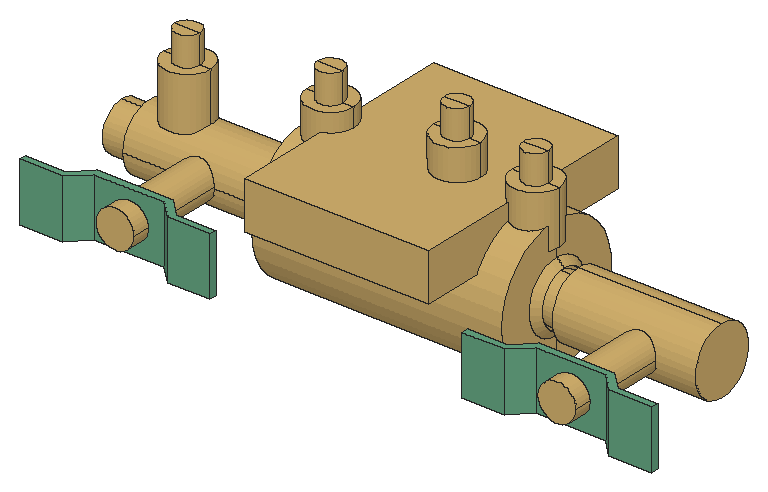
Revit family "Double_Check_Valve_Assemblies-WATTS-(050-100_LF007-QT, 050-100_LF007-QT-S)_Series", category Pipe Accessories, Revit 2019
Family settings
  Round Connector Dimension = Use Radius
  Part Type = Valve - Breaks Into
  OmniClass Number = 23.65.55.14.21
  OmniClass Title = Non-Return Valves for Liquid Services
  Work Plane-Based = No
  Always vertical = Yes
  Cut with Voids When Loaded = No
  Shared = No
Parameters (values of type "LF007-QT - 0.5"")
  W/Press** Press inlet x press outlet = no
  U Union connections = no
  Temperature Range = "175 psi (12.1 bar)"  # constant formula
  S Copper silicon alloy strainer = no
  Revised Date = "10/11/2023"  # constant formula
  R Dimension = 2 5/16"
  Pipe Connection Distance = if(S Copper silicon alloy strainer, STR_OAL, 0")  # 0"
  Outlet Connection Description = "1/2\" Outlet Connection"
  LF Without shutoff valves = no
  Inlet Connection Description = "1/2\" Inlet Connection"
  IAPMO Compliance = "ASSE Standard 1015, AWWA Standard C510\r\nIAPMO PS31, CSA B64.5"  # constant formula
  G Dimension = 3 3/8"
  Finish = Metal-WATTS-Cast Copper Silicon Alloy
  FZ Freeze Sensor = no
  F Dimension = 5"
  built-in parameter 1114242 [instance] = (empty or 0)
  URL = "http://www.watts.com"
  Type Comments = ""
  TC_Out_Thd_Rad = 7/32"
  TC_Out_Thd_Length = 1/2"
  TC_In_Thd_Rad = 13/64"
  TC_In_Thd_Length = 21/64"
  TC_Boss_Rad = 79/256"
  TC_Body_Rad = 105/256"
  TC_Body_Hieght = 119/128"
  TC4_Dist = 6 3/4"
  TC4_Boss_Hieght = 57/64"
  TC3_Dist = 5 3/8"
  TC3_Boss_Hieght = 1 23/256"
  TC2_Dist = 3 41/256"
  TC2_Boss_Hieght = 57/64"
  TC1_Dist = 169/256"
  TC1_Boss_Hieght = 57/64"
  Shipping Weight = 4.50 lbf
  STR_Screen_Length = 3 77/128"
  STR_Port_Length = STR_Screen_Length  # 3 77/128"
  STR_OAL = 2 33/64"
  STR_Nipple_Rad = 27/64"
  STR_Nipple_OAL = 123/256"
  STR_Main_Rad = 87/128"
  STR_IN_Port = 187/256"
  STR_Flow_Rad = 141/256"
  STR_Angle = 45.00°
  Region = "North America"  # constant formula
  Product Page URL = "https://www.watts.com/products/plumbing-flow-control-solutions/backflow-preventers/double-check-valve-assemblies/lf007"
  Product Documentation Link = "https://www.watts.com/dfsmedia/0533dbba17714b1ab581ab07a4cbb521/633913-source/es-lf007s"
  Pressure Rating = 175.00 psi  # constant formula
  Out_Thd_Length = 21/64"
  Model = "LF007-QT - 0.5\""
  Material = "Metal-Watts-Cast Copper Silicon Alloy"  # constant formula
  Manufacturer Product Line = "Backflow Prevention"  # constant formula
  Manufacturer = "WATTS"
  Length = 13"
  In_Thd_Length = 59/256"
  Flow Rate = "7.5 fps / 2.3 mps"
  Description = "Lead Free* Double Check Valve Assembly Backflow Preventers with Freeze Sensor"  # constant formula
  D Dimension = 3"
  Creation Date = "08/10/2018"  # constant formula
  Cover_Thk = 69/128"
  T Dimension = 2 1/16"
  Cover_Hieght = 1 23/256"
  Cover_Dist = 2 105/128"
  Country = "United States"  # constant formula
  Connection_Rad = 1/4"
  Connection Type = "NPT Connection"  # constant formula
  Connection Size = Connection_Rad * 2  # 1/2"
  C Dimension = 2 7/16"
  Bs Dimension = 6"
  Body_Thd_Rad = 27/64"
  Body_Step_Rad = 123/256"
  Body_Retain_Rad = 243/256"
  Body_Rad = 39/64"
  Body_IN_Angle = 4 39/64"
  Body_Angle = 45.00°
  BV_Stem_Rad = 21/64"
  BV_Stem_Hieght = 1 41/256"
  BV_Handle_Width_Top = 25/64"
  BV_Handle_Width_Btm = -25/64"
  BV_Handle_Thk = 13/128"
  BV_Handle_Length = 1 143/256"
  BV_Handle_Hieght = 97/256"
  BV_Handle_CL_Angle = 123/256"
  BV_Handle_Angle = 30.00°
  BV_Body_Rad = 37/64"
  BV2_Stem_Dist = 1 1/32"
  BV2_OAL = BV1_OAL  # 2 1/2"
  BV1_Stem_Dist = 1 1/4"
  BV1_OAL = 2 1/2"
  B Dimension = 3 5/8"
  Assembly Code = "D2090900"
  As Dimension = 13"
  A Dimension = BV1_OAL + BV2_OAL + F Dimension  # 10"
Types (7): name | S Copper silicon alloy strainer | R Dimension | Pipe Connection Distance | Outlet Connection Description | Inlet Connection Description | G Dimension | F Dimension | TC4_Dist | TC4_Boss_Hieght | TC3_Dist | TC3_Boss_Hieght | TC2_Dist | TC2_Boss_Hieght | TC1_Dist | TC1_Boss_Hieght | Shipping Weight | STR_Screen_Length | STR_Port_Length | STR_OAL | STR_Nipple_Rad | STR_Nipple_OAL | STR_Main_Rad | STR_IN_Port | STR_Flow_Rad | Out_Thd_Length | Model | Length | In_Thd_Length | D Dimension | Cover_Thk | T Dimension | Cover_Hieght | Cover_Dist | Connection_Rad | Connection Size | C Dimension | Bs Dimension | Body_Thd_Rad | Body_Step_Rad | Body_Retain_Rad | Body_Rad | Body_IN_Angle | BV_Stem_Rad | BV_Stem_Hieght | BV_Handle_Width_Top | BV_Handle_Width_Btm | BV_Handle_Thk | BV_Handle_Length | BV_Handle_Hieght | BV_Handle_CL_Angle | BV_Handle_Angle | BV_Body_Rad | BV2_Stem_Dist | BV2_OAL | BV1_Stem_Dist | BV1_OAL | B Dimension | As Dimension | A Dimension
  (no name) | no | 2 5/16" | 0" | "1/2\" Outlet Connection" | "1/2\" Inlet Connection" | 3 3/8" | 5" | 6 3/4" | 57/64" | 5 3/8" | 1 23/256" | 3 41/256" | 57/64" | 169/256" | 57/64" | 4.50 lbf | 3 77/128" | 3 77/128" | 2 33/64" | 27/64" | 123/256" | 87/128" | 187/256" | 141/256" | 21/64" | "LF007-QT - 0.5\"" | 13" | 59/256" | 3" | 69/128" | 2 1/16" | 1 23/256" | 2 105/128" | 1/4" | 1/2" | 2 7/16" | 6" | 27/64" | 123/256" | 243/256" | 39/64" | 4 39/64" | 21/64" | 1 41/256" | 25/64" | -25/64" | 13/128" | 1 143/256" | 97/256" | 123/256" | 30.00° | 37/64" | 1 1/32" | 2 1/2" | 1 1/4" | 2 1/2" | 3 5/8" | 13" | 10"
  LF007-QT-S - 0.5" | yes | 2 5/16" | 2 33/64" | "1/2\" Outlet Connection" | "1/2\" Inlet Connection" | 3 3/8" | 5" | 6 3/4" | 57/64" | 5 3/8" | 1 23/256" | 3 41/256" | 57/64" | 169/256" | 57/64" | 5.50 lbf | 3 77/128" | 3 77/128" | 2 33/64" | 27/64" | 123/256" | 87/128" | 187/256" | 141/256" | 21/64" | "LF007-QT-S - 0.5\"" | 13" | 59/256" | 3" | 69/128" | 2 1/16" | 1 23/256" | 2 105/128" | 1/4" | 1/2" | 2 7/16" | 6" | 27/64" | 123/256" | 243/256" | 39/64" | 4 39/64" | 21/64" | 1 41/256" | 25/64" | -25/64" | 13/128" | 1 143/256" | 97/256" | 123/256" | 30.00° | 37/64" | 1 1/32" | 2 1/2" | 1 1/4" | 2 1/2" | 3 5/8" | 13" | 10"
  LF007-M3-QT-S - 0.75" | yes | 2 1/8" | 3 37/128" | "3/4\" Outlet Connection" | "3/4\" Inlet Connection" | 3 7/16" | 6 3/16" | 7 101/128" | 1 69/256" | 5 3/8" | 1 25/64" | 3 91/128" | 1 69/256" | 87/128" | 251/256" | 6.70 lbf | 3 51/128" | 3 51/128" | 3 37/128" | 67/128" | 3/32" | 105/128" | 215/256" | 161/256" | 79/256" | "LF007-M3-QT-S - 0.75\"" | 14 1/2" | 87/256" | 3" | 179/256" | 1 15/16" | 1 67/256" | 2 29/32" | 3/8" | 3/4" | 3 1/8" | 6 1/8" | 67/128" | 75/128" | 53/64" | 53/64" | 5 9/32" | 25/64" | 1 59/128" | 27/64" | -27/64" | 31/256" | 1 169/256" | 27/64" | 83/128" | 45.00° | 197/256" | 1 59/256" | 2 15/32" | 1 115/256" | 2 15/32" | 4" | 14 1/2" | 11 1/8"
  LF007-M1-QT-S - 1" | yes | 1 11/16" | 4 131/256" | "1\" Outlet Connection" | "1\" Inlet Connection" | 3 3/8" | 7 1/2" | 9 17/32" | 1 123/256" | 6 1/8" | 2 37/128" | 4 1/8" | 1 123/256" | 105/128" | 1 13/128" | 14.00 lbf | 3 1/2" | 3 1/2" | 4 131/256" | 169/256" | 3/16" | 1 1/32" | 1 41/256" | 205/256" | 79/256" | "LF007-M1-QT-S - 1\"" | 17 15/16" | 87/256" | 3 1/4" | 179/256" | 1 11/16" | 1 59/64" | 3 41/128" | 1/2" | 1" | 4" | 7 3/4" | 169/256" | 225/256" | 1 5/64" | 1 5/64" | 5 243/256" | 15/32" | 1 195/256" | 131/256" | -131/256" | 31/256" | 1 169/256" | 27/64" | 39/64" | 45.00° | 243/256" | 1 59/128" | 2 7/8" | 1 179/256" | 2 7/8" | 5 1/8" | 17 15/16" | 13 1/4"
  LF007-QT - 0.5" | no | 2 5/16" | 0" | "1/2\" Outlet Connection" | "1/2\" Inlet Connection" | 3 3/8" | 5" | 6 3/4" | 57/64" | 5 3/8" | 1 23/256" | 3 41/256" | 57/64" | 169/256" | 57/64" | 4.50 lbf | 3 77/128" | 3 77/128" | 2 33/64" | 27/64" | 123/256" | 87/128" | 187/256" | 141/256" | 21/64" | "LF007-QT - 0.5\"" | 13" | 59/256" | 3" | 69/128" | 2 1/16" | 1 23/256" | 2 105/128" | 1/4" | 1/2" | 2 7/16" | 6" | 27/64" | 123/256" | 243/256" | 39/64" | 4 39/64" | 21/64" | 1 41/256" | 25/64" | -25/64" | 13/128" | 1 143/256" | 97/256" | 123/256" | 30.00° | 37/64" | 1 1/32" | 2 1/2" | 1 1/4" | 2 1/2" | 3 5/8" | 13" | 10"
  LF007-M3-QT - 0.75" | no | 2 1/8" | 0" | "3/4\" Outlet Connection" | "3/4\" Inlet Connection" | 3 7/16" | 6 3/16" | 7 101/128" | 1 69/256" | 5 3/8" | 1 25/64" | 3 91/128" | 1 69/256" | 87/128" | 251/256" | 5.00 lbf | 3 51/128" | 3 51/128" | 3 37/128" | 67/128" | 3/32" | 105/128" | 215/256" | 161/256" | 79/256" | "LF007-M3-QT - 0.75\"" | 14 1/2" | 87/256" | 3" | 179/256" | 1 15/16" | 1 67/256" | 2 29/32" | 3/8" | 3/4" | 3 1/8" | 6 1/8" | 67/128" | 75/128" | 53/64" | 53/64" | 5 9/32" | 25/64" | 1 59/128" | 27/64" | -27/64" | 31/256" | 1 169/256" | 27/64" | 83/128" | 45.00° | 197/256" | 1 59/256" | 2 15/32" | 1 115/256" | 2 15/32" | 4" | 14 1/2" | 11 1/8"
  LF007-M1-QT - 1" | no | 1 11/16" | 0" | "1\" Outlet Connection" | "1\" Inlet Connection" | 3 3/8" | 7 1/2" | 9 17/32" | 1 123/256" | 6 1/8" | 2 37/128" | 4 1/8" | 1 123/256" | 105/128" | 1 13/128" | 12.00 lbf | 3 1/2" | 3 1/2" | 4 131/256" | 169/256" | 3/16" | 1 1/32" | 1 41/256" | 205/256" | 79/256" | "LF007-M1-QT - 1\"" | 17 15/16" | 87/256" | 3 1/4" | 179/256" | 1 11/16" | 1 59/64" | 3 41/128" | 1/2" | 1" | 4" | 7 3/4" | 169/256" | 225/256" | 1 5/64" | 1 5/64" | 5 243/256" | 15/32" | 1 195/256" | 131/256" | -131/256" | 31/256" | 1 169/256" | 27/64" | 39/64" | 45.00° | 243/256" | 1 59/128" | 2 7/8" | 1 179/256" | 2 7/8" | 5 1/8" | 17 15/16" | 13 1/4"
Reference planes (in)
  plane 1 "Center (Front/Back)": y = 0
  plane 2: z = 0
  plane 3 "Center (Left/Right)": x = 0
  plane 4 "BV1_OUT": x = 2.5
  plane 5 "BV2_IN": x = 7.5
  plane 6 "BV2_OUT": x = 10
  plane 7 "STR_OUT": x = -0.48047
  plane 8 "STR_IN": x = -2.99609
  plane 9: z = 2.4375
  plane 10: x = -0.17578
  plane 11: x = -2.99609
  plane 12: x = 0
  plane 13: x = 2.5
  plane 14: x = 5
  plane 15: x = 7.5
  plane 16: x = 10
  plane 17: y = -0.50403
  plane 18: y = 0.50403
  plane 19: x = 1.24739
  plane 20: x = 0.95136
  plane 21: x = 1.54343
  plane 22: x = 8.75
  plane 23: x = 8.45397
  plane 24: x = 9.04603
  plane 25: through (-0.48527, -1.71587, 48) normal (0.7071, -0.7071, 0)
  plane 26: through (-1.34802, -1.56023, 48) normal (0.7071, 0.7071, 0)
  plane 27: through (-0.64091, -0.85312, 48) normal (0.7071, 0.7071, 0)
  plane 28: x = -2.20114
  plane 29: z = -1.1875
  plane 30: y = 2.0625
  plane 31: y = -2.3125
  plane 32: y = -1.37264
  plane 33: x = 1.25
  plane 34: x = 8.96875
  plane 35: z = 0.57089
  plane 36: z = 1.40116
  plane 37: x = 8.96875
  plane 38: x = 1.25
  plane 39: z = -3
  plane 40: x = -0.48047
Forms (in)
  Extrusion 1, solid, material "Metal-WATTS-Cast Copper Silicon Alloy" <- "Finish"
    sketch origin (0, 0, 0) x (0, 1, 0) y (0, 0, 1)
      loop
        circle (0, 0) r 0.57813
    from 0 to 2.5 <- "BV1_OAL"
  Extrusion 2, solid, material "Metal-WATTS-Cast Copper Silicon Alloy" <- "Finish"
    sketch origin (7.5, 0, 0) x (0, 0, 1) y (0, -1, 0)
      loop
        circle (0, 0) r 0.57813
    from 0 to 2.5 <- "BV2_OAL"
  Extrusion 3, solid, material "Metal-WATTS-Cast Copper Silicon Alloy" <- "Finish"
    sketch origin (0, 0, 0) x (1, 0, 0) y (0, 0, 1)
      loop
        circle (1.25, 0) r 0.32813
      loop
        circle (8.96875, 0) r 0.32813
    from 0 to 2.3125
  Revolve 4, solid, material "Metal-WATTS-Cast Copper Silicon Alloy" <- "Finish"
    sketch origin (0, 0, 0) x (1, 0, 0) y (0, 0, 1)
      loop
        line (2.5, 0.42187) -> (2.5, 0) -> (7.5, 0) -> (7.5, 0.42187) -> (7.17188, 0.42187) -> (7.17188, 0.48047) -> (7.23828, 0.48047) -> (7.10938, 0.60937) -> (2.73047, 0.60937) -> (2.73047, 0.42187) -> (2.5, 0.42187)
      axis (2.5, 0) -> (7.5, 0)
    angle from 0 to 360
  Revolve 5, solid, material "Metal-WATTS-Cast Copper Silicon Alloy" <- "Finish"
    sketch origin (0, 0, 0) x (1, 0, 0) y (0, 0, 1)
      loop
        line (0.66016, 0) -> (0.66016, 1.92578) -> (0.44141, 1.92578) -> (0.44141, 1.42578) -> (0.25, 1.42578) -> (0.25, 0.49609) -> (0.45703, 0.49609) -> (0.45703, 0.16797) -> (0.35156, 0.16797) -> (0.35156, 0) -> (0.66016, 0)
      axis (0.66016, 1.92578) -> (0.66016, 0)
    angle from 0 to 360
  Revolve 6, solid, material "Metal-WATTS-Cast Copper Silicon Alloy" <- "Finish"
    sketch origin (0, 0, 0) x (1, 0, 0) y (0, 0, 1)
      loop
        line (3.16016, 0) -> (3.16016, 2.21484) -> (2.94141, 2.21484) -> (2.94141, 1.71484) -> (2.75, 1.71484) -> (2.75, 0.78516) -> (2.95703, 0.78516) -> (2.95703, 0.45703) -> (2.85156, 0.45703) -> (2.85156, 0) -> (3.16016, 0)
      axis (3.16016, 2.21484) -> (3.16016, 0)
    angle from 0 to 360
  Revolve 7, solid, material "Metal-WATTS-Cast Copper Silicon Alloy" <- "Finish"
    sketch origin (0, 0, 0) x (1, 0, 0) y (0, 0, 1)
      loop
        line (5.375, 0) -> (5.375, 2.4375) -> (5.15625, 2.4375) -> (5.15625, 1.9375) -> (4.96484, 1.9375) -> (4.96484, 1.00781) -> (5.17188, 1.00781) -> (5.17188, 0.67969) -> (5.065, 0.67969) -> (5.065, 0) -> (5.375, 0)
      axis (5.375, 2.4375) -> (5.375, 0)
    angle from 0 to 360
  Revolve 8, solid, material "Metal-WATTS-Cast Copper Silicon Alloy" <- "Finish"
    sketch origin (0, 0, 0) x (1, 0, 0) y (0, 0, 1)
      loop
        line (6.75, 0) -> (6.75, 2.21484) -> (6.53125, 2.21484) -> (6.53125, 1.71484) -> (6.33984, 1.71484) -> (6.33984, 0.78516) -> (6.54688, 0.78516) -> (6.54688, 0.45703) -> (6.44141, 0.45703) -> (6.44141, 0) -> (6.75, 0)
      axis (6.75, 2.21484) -> (6.75, 0)
    angle from 0 to 360
  Extrusion 9, solid, material "Metal-WATTS-Cast Copper Silicon Alloy" <- "Finish", visible <- "S Copper silicon alloy strainer"
    sketch origin (-2.99609, 0, 0) x (0, 0, 1) y (0, -1, 0)
      loop
        circle (0, 0) r 0.55078
    from 0 to 2.51563 <- "STR_OAL"
  Revolve 10, solid, material "Metal-WATTS-Cast Copper Silicon Alloy" <- "Finish", visible <- "S Copper silicon alloy strainer"
    sketch origin (0, 0, 0) x (1, 0, 0) y (0, 0, 1)
      loop
        line (-2.26562, 0) -> (-2.74624, 0) -> (-2.74624, -0.48061) -> (-0.19955, -3.0273) -> (0.28106, -2.54669) -> (-2.26562, 0)
      axis (-2.50593, 0.24031) -> (0.28106, -2.54669)
    angle from 0 to 360
  Revolve 11, solid, material "Metal-WATTS-Cast Copper Silicon Alloy" <- "Finish"
    sketch origin (0, 0, 0) x (1, 0, 0) y (0, 0, 1)
      loop
        line (-0.48047, 0) -> (0, 0) -> (0, 0.42187) -> (-0.48047, 0.42187) -> (-0.48047, 0)
      axis (-0.48047, 0) -> (0, 0)
    angle from 0 to 360
  Revolve 12, solid, material "Metal-WATTS-Cast Copper Silicon Alloy" <- "Finish"
    sketch origin (0, 0, 0) x (1, 0, 0) y (0, 0, 1)
      loop
        line (2.73047, 0) -> (2.73047, -1.1875) -> (7.10938, -1.1875) -> (7.10938, 0) -> (2.73047, 0)
      axis (2.73047, 0) -> (7.10938, 0)
    angle from 0 to 360
  Extrusion 13, solid, material "Metal-WATTS-Cast Copper Silicon Alloy" <- "Finish"
    sketch origin (0, 0, 0) x (1, 0, 0) y (0, 1, 0)
      loop
        line (3.30859, 2.0625) -> (3.30859, -2.0625) -> (6.53125, -2.0625) -> (6.53125, 2.0625) -> (3.30859, 2.0625)
    from 0.57089 to 1.40116
  Revolve 14, void
    sketch origin (0, 0, 0) x (1, 0, 0) y (0, 0, 1)
      loop
        line (-0.48047, 0) -> (5, 0) -> (5, 0.25) -> (-0.48047, 0.25) -> (-0.48047, 0)
      axis (5, 0) -> (-0.48047, 0)
    angle from 0 to 360
Cuts and joins
  Revolve 14 cuts Extrusion 9
  Revolve 14 cuts Revolve 11
  joined: Revolve 4, Revolve 12
Lines and regions (in)
  Masking region 1, detail levels medium+fine
    outline origin (0, 0, 0) x (1, 0, 0) y (0, 1, 0)
      loop
        line (-0.48047, 0.57812) -> (-0.48047, -0.57813) -> (0.92188, -0.57813) -> (0.92188, -2.3125) -> (1.57813, -2.3125) -> (1.57813, -0.57813) -> (2.73047, -0.57813) -> (2.73047, -2.3125) -> (7.10938, -2.3125) -> (7.10938, -0.57813) -> (8.64063, -0.57813) -> (8.64063, -2.3125) -> (9.29688, -2.3125) -> (9.29688, -0.57813) -> (10, -0.57813) -> (10, 0.57812) -> (7.10938, 0.57812) -> (7.10938, 2.0625) -> (2.73047, 2.0625) -> (2.73047, 0.57812) -> (-0.48047, 0.57812)
  Masking region 2, visible <- "S Copper silicon alloy strainer", detail levels medium+fine
    outline origin (0, 0, 0) x (1, 0, 0) y (0, 1, 0)
      loop
        line (-0.48047, 0.57812) -> (-2.99609, 0.57812) -> (-2.99609, -0.57813) -> (-0.48047, -0.57813) -> (-0.48047, 0.57812)
  symbolic lines, detail levels medium+fine
    curve 1: line (2.5, -0.57813, 0) -> (2.5, 0.57812, 0)
    curve 2: line (7.5, 0.57812, 0) -> (7.5, -0.57813, 0)
    curve 3: line (0, 0.57812, 0) -> (0, -0.57813, 0)
    curve 5: line (6.53125, 2.0625, 0) -> (3.30859, 2.0625, 0)
    curve 7: line (3.30859, -2.0625, 0) -> (6.53125, -2.0625, 0)
    curve 8: line (0.92188, -0.57813, 0) -> (1.57813, -0.57813, 0)
    curve 9: line (8.64063, -0.57813, 0) -> (9.29688, -0.57813, 0)
  symbolic lines, detail levels fine
    curve 4: line (6.53125, -2.0625, 0) -> (6.53125, 2.0625, 0)
    curve 6: line (3.30859, 2.0625, 0) -> (3.30859, -2.0625, 0)
Dimensions and locks (in)
  "BV1_OAL": plane 4 "BV1_OUT" to plane 3 "Center (Left/Right)"
  "F Dimension": plane 5 "BV2_IN" to plane 4 "BV1_OUT"
  "BV2_OAL": plane 6 "BV2_OUT" to plane 5 "BV2_IN"
  "BV1_Stem_Dist": Extrusion 3 sketch curve to plane 3 "Center (Left/Right)"
  "BV2_Stem_Dist": plane 6 "BV2_OUT" to Extrusion 3 sketch curve
  "Body_Thd_Rad": Revolve 4 sketch curve to level
  "Body_Rad": Revolve 4 sketch curve to level
  "Body_Step_Rad": Revolve 4 sketch curve to level
  "In_Thd_Length": Revolve 4 sketch curve to plane 4 "BV1_OUT"
  "Out_Thd_Length": plane 5 "BV2_IN" to Revolve 4 sketch curve
  "Body_IN_Angle": Revolve 4 sketch curve to plane 4 "BV1_OUT"
  "TC1_Dist": Revolve 5 sketch curve to plane 3 "Center (Left/Right)"
  "TC_Boss_Rad": Revolve 5 sketch curve to Revolve 5 sketch curve
  "TC_In_Thd_Rad": Revolve 5 sketch curve to Revolve 5 sketch curve
  "TC_Body_Rad": Revolve 5 sketch curve to Revolve 5 sketch curve
  "TC_Out_Thd_Rad": Revolve 5 sketch curve to Revolve 5 sketch curve
  "TC_In_Thd_Length": Revolve 5 sketch curve to Revolve 5 sketch curve
  "TC_Body_Hieght": Revolve 5 sketch curve to Revolve 5 sketch curve
  "TC_Out_Thd_Length": Revolve 5 sketch curve to Revolve 5 sketch curve
  "TC2_Dist": Revolve 6 sketch curve to plane 3 "Center (Left/Right)"
  "TC_Boss_Rad": Revolve 6 sketch curve to Revolve 6 sketch curve
  "TC_In_Thd_Rad": Revolve 6 sketch curve to Revolve 6 sketch curve
  "TC_Out_Thd_Rad": Revolve 6 sketch curve to Revolve 6 sketch curve
  "TC_Body_Rad": Revolve 6 sketch curve to Revolve 6 sketch curve
  "TC3_Dist": Revolve 7 sketch curve to plane 3 "Center (Left/Right)"
  "TC_In_Thd_Rad": Revolve 7 sketch curve to Revolve 7 sketch curve
  "TC_Out_Thd_Rad": Revolve 7 sketch curve to Revolve 7 sketch curve
  "TC_Body_Rad": Revolve 7 sketch curve to Revolve 7 sketch curve
  "TC_Body_Hieght": Revolve 7 sketch curve to Revolve 7 sketch curve
  "TC_Out_Thd_Length": Revolve 7 sketch curve to Revolve 7 sketch curve
  "TC4_Dist": Revolve 8 sketch curve to plane 3 "Center (Left/Right)"
  "TC_Boss_Rad": Revolve 8 sketch curve to Revolve 8 sketch curve
  "TC_In_Thd_Rad": Revolve 8 sketch curve to Revolve 8 sketch curve
  "TC_Out_Thd_Rad": Revolve 8 sketch curve to Revolve 8 sketch curve
  "TC_Body_Rad": Revolve 8 sketch curve to Revolve 8 sketch curve
  "TC_In_Thd_Length": Revolve 6 sketch curve to Revolve 6 sketch curve
  "TC_Body_Hieght": Revolve 6 sketch curve to Revolve 6 sketch curve
  "TC_Out_Thd_Length": Revolve 6 sketch curve to Revolve 6 sketch curve
  "TC_In_Thd_Length": Revolve 8 sketch curve to Revolve 8 sketch curve
  "TC_Body_Hieght": Revolve 8 sketch curve to Revolve 8 sketch curve
  "TC_Out_Thd_Length": Revolve 8 sketch curve to Revolve 8 sketch curve
  "TC_In_Thd_Length": Revolve 7 sketch curve to Revolve 7 sketch curve
  "STR_Nipple_OAL": plane 3 "Center (Left/Right)" to plane 7 "STR_OUT"
  "STR_OAL": plane 7 "STR_OUT" to plane 8 "STR_IN"
  "STR_IN_Port": Revolve 10 sketch curve to plane 8 "STR_IN"
  "STR_Port_Length": Revolve 10 sketch curve to Revolve 10 sketch curve
  "STR_Main_Rad": Revolve 10 sketch curve to Revolve 10 sketch curve
  "STR_Screen_Length": Revolve 10 sketch curve to Revolve 10 sketch curve
  "STR_Nipple_Rad": Revolve 11 sketch curve to level
  plane 6 "BV2_OUT" to plane 3 "Center (Left/Right)" = 10"
  plane 6 "BV2_OUT" to plane 8 "STR_IN" = 12 255/256"
  "C Dimension": plane 9 to level
  locked: plane 9 to Revolve 6 sketch curve at 0.22266
  locked: plane 9 to Revolve 5 sketch curve at 0.51172
  locked: plane 17 to plane 18 at 1.00806
  locked: plane 11 to plane 12 at 2.99609
  locked: plane 12 to plane 16 at 10
  equal spacing: plane 12, plane 13, plane 14, plane 15, plane 16
  "B Dimension": plane 9 to plane 29
  "T Dimension": plane 1 "Center (Front/Back)" to plane 30
  "R Dimension": plane 31 to plane 1 "Center (Front/Back)"
  "BV1_Stem_Dist": plane 12 to plane 33
  "BV2_Stem_Dist": plane 6 "BV2_OUT" to plane 34
  "BV_Body_Rad": Revolve 12 to Extrusion 13 sketch curve
  "BV_Body_Rad": Extrusion 13 sketch curve to Revolve 12
  "T Dimension": Extrusion 13 sketch curve to plane 1 "Center (Front/Back)"
  locked: plane 35 to plane 2 at 0.57089
  locked: plane 36 to plane 35 at 0.83027
  "BV_Body_Rad": plane 1 "Center (Front/Back)" to Masking region 1 sketch curve
  "BV_Body_Rad": Masking region 1 sketch curve to plane 1 "Center (Front/Back)"
  "BV2_Stem_Dist": plane 37 to Extrusion 2
  "BV_Stem_Rad": Masking region 1 sketch curve to plane 34 to Masking region 1 sketch curve
  "BV1_Stem_Dist": Extrusion 1 to plane 38
  "BV_Stem_Rad": Masking region 1 sketch curve to plane 38 to Masking region 1 sketch curve
  "D Dimension": level to plane 39
  "Connection_Rad": Revolve 14 sketch curve to Revolve 14 sketch curve
  "Pipe Connection Distance": plane 7 "STR_OUT" to plane 40
  "BV_Body_Rad": radius of Extrusion 1 sketch curve
  "BV_Body_Rad": radius of Extrusion 2 sketch curve
  "BV_Stem_Rad": radius of Extrusion 3 sketch curve  (x2)
  "STR_Flow_Rad": radius of Extrusion 9 sketch curve
  "Body_Angle": angle Revolve 4 sketch curve to Revolve 4 sketch curve
  "STR_Angle": angle Revolve 10 sketch curve to level
  aligned and locked: plane 4 "BV1_OUT" to Revolve 4 sketch curve
  aligned and locked: Revolve 4 sketch curve to plane 5 "BV2_IN"
  aligned and locked: level to Revolve 4 sketch curve
  aligned and locked: Revolve 4 sketch curve to Revolve 4 sketch curve  (x2)
  aligned and locked: Revolve 5 sketch curve to level
  aligned and locked: Revolve 5 sketch curve to Revolve 5 sketch curve
  aligned and locked: Revolve 6 sketch curve to level
  aligned and locked: Revolve 6 sketch curve to Revolve 6 sketch curve
  aligned and locked: Revolve 7 sketch curve to Revolve 7 sketch curve
  aligned and locked: Revolve 8 sketch curve to level
  aligned and locked: Revolve 8 sketch curve to Revolve 8 sketch curve
  aligned and locked: level to Revolve 7 sketch curve
  aligned and locked: Revolve 10 sketch curve to Revolve 10 sketch curve
  aligned and locked: Revolve 11 sketch curve to plane 7 "STR_OUT"
  aligned and locked: plane 3 "Center (Left/Right)" to Revolve 11 sketch curve
  aligned and locked: Revolve 11 sketch curve to level
  aligned and locked: Revolve 11 sketch curve to Revolve 11 sketch curve
  aligned and locked: plane 9 to Revolve 7 sketch curve
  aligned and locked: Revolve 8 sketch curve to Revolve 6
  aligned and locked: Revolve 12 sketch curve to level  (x2)
  aligned and locked: plane 29 to Revolve 12 sketch curve
  aligned and locked: Revolve 12 sketch curve to Revolve 4
  aligned and locked: Revolve 4 to Revolve 12 sketch curve
  aligned and locked: plane 31 to nested 1
  aligned and locked: Extrusion 3 to plane 1 "Center (Front/Back)"
  aligned and locked: plane 31 to Extrusion 3
  aligned and locked: nested 1 to plane 33
  aligned and locked: level to nested 1
  aligned and locked: nested 2 to level
  aligned and locked: nested 2 to plane 34
  aligned and locked: nested 2 to plane 31
  aligned and locked: Extrusion 13 sketch curve to plane 30
  aligned and locked: Extrusion 13 to plane 35
  aligned and locked: plane 36 to Extrusion 13
  aligned and locked: Revolve 12 to Masking region 1 sketch curve
  aligned and locked: Masking region 1 sketch curve to Revolve 12  (x2)
  aligned and locked: Masking region 1 sketch curve to Masking region 1 sketch curve  (x5)
  aligned and locked: Extrusion 1 to curve 1
  aligned and locked: Extrusion 2 to curve 2
  aligned and locked: Extrusion 1 to curve 3
  aligned and locked: curve 4 to Extrusion 13
  aligned and locked: curve 5 to Extrusion 13
  aligned and locked: curve 6 to Extrusion 13
  aligned and locked: curve 7 to Extrusion 13
  aligned and locked: curve 8 to Masking region 1
  aligned and locked: Masking region 1 to curve 8  (x2)
  aligned and locked: Masking region 1 to curve 9  (x2)
  aligned and locked: curve 9 to Masking region 1
  aligned and locked: Masking region 1 to curve 1  (x2)
  aligned and locked: Masking region 1 to curve 3  (x2)
  aligned and locked: Masking region 1 to curve 2  (x2)
  aligned and locked: Masking region 1 sketch curve to Extrusion 9
  aligned and locked: Masking region 2 sketch curve to Extrusion 9  (x2)
  aligned and locked: Masking region 1 to Masking region 2 sketch curve
  aligned and locked: Masking region 2 sketch curve to Masking region 1
  aligned and locked: Revolve 14 sketch curve to level
  aligned and locked: Revolve 14 sketch curve to plane 14
  aligned and locked: plane 40 to Revolve 14 sketch curve
Automatic sketch dimensions
  Extrusion 3 sketch curve to level = 0"  (x2)
  Revolve 4 sketch curve to plane 4 "BV1_OUT" = 0"
  Revolve 4 sketch curve to plane 5 "BV2_IN" = 0"
  Revolve 5 sketch curve to level = 0"
  Revolve 5 sketch curve to Revolve 5 sketch curve = 5/16"
  Revolve 6 sketch curve to level = 0"
  Revolve 6 sketch curve to Revolve 6 sketch curve = 5/16"
  Revolve 11 sketch curve to plane 7 "STR_OUT" = 0"
  Revolve 11 sketch curve to plane 3 "Center (Left/Right)" = 0"
  Revolve 7 sketch curve to Revolve 7 sketch curve = 0.31"
  Revolve 7 sketch curve to Revolve 7 sketch curve = 0"
  Revolve 7 sketch curve to Revolve 7 sketch curve = 0.11548"
  Revolve 8 sketch curve to level = 0"
  plane 9 to Revolve 8 sketch curve = 23/256"
  Revolve 10 sketch curve to level = 0"  (x2)
  Revolve 10 sketch curve to Revolve 10 sketch curve = 0"
  Revolve 12 sketch curve to Revolve 12 sketch curve = 37/64"
  Revolve 12 sketch curve to plane 23 = 0.14537"
  Extrusion 1 sketch curve to level = 0"
  Extrusion 1 sketch curve to plane 1 "Center (Front/Back)" = 0"
  Extrusion 2 sketch curve to level = 0"
  Extrusion 2 sketch curve to plane 1 "Center (Front/Back)" = 0"
  Extrusion 9 sketch curve to level = 0"
  Extrusion 9 sketch curve to plane 1 "Center (Front/Back)" = 0"
  Masking region 1 sketch curve to plane 6 "BV2_OUT" = 0"
  plane 31 to Masking region 1 sketch curve = 0"  (x3)
  Masking region 1 sketch curve to plane 30 = 0"
  Revolve 14 sketch curve to level = 0"
  plane 3 "Center (Left/Right)" to Revolve 14 sketch curve = 1/16"
  Revolve 14 sketch curve to Revolve 14 sketch curve = 49/64"
Nested families (in)
  nested 1: "TURNER" at (-0.44922, -0.625, 0), type "LF007-M1-QT-S - 1""
    with built-in parameter 1114242 (empty or 0)
  nested 2: "TURNER" at (10.66797, -0.625, 0) x (-1, 0, 0) z (0, 0, 1), type "LF007-M1-QT-S - 1""
    with built-in parameter 1114242 (empty or 0)
  nested 3: "Backflow Symbology" at (3.75, 0, 0), type "Backflow Symbology", detail levels coarse
Connectors (in)
  piping at (10, 0, 0), diameter 0.5, driven by "Connection_Rad", driven by "Outlet Connection Description"
    settings: on Extrusion 2, index 2, connector inside diameter 1/2", connector length 0", flow factor 0, pipe flow 0 GPM, pressure drop 0.00 psi, fitting loss kfactor 0, connector angle 0.00°, fixture units 0, engagement length 0", angle of deflection 0.00°, flow configuration 0, flow direction 2, fitting loss method 0, system type 29, joint type 0, gender type 0, connector reference index -1, connector utility 0, adjustable connector no, is connector primary yes, connector description "1/2\" Outlet Connection"
  piping at (-0.48047, 0, 0), diameter 0.5, driven by "Connection_Rad", driven by "Inlet Connection Description"
    settings: on cut or joined group of Extrusion 9, Revolve 14, index 4, connector inside diameter 24", connector length 0", flow factor 0, pipe flow 0 GPM, pressure drop 0.00 psi, fitting loss kfactor 0, connector angle 0.00°, fixture units 0, engagement length 0", angle of deflection 0.00°, flow configuration 0, flow direction 1, fitting loss method 0, system type 29, joint type 0, gender type 0, connector reference index -1, connector utility 0, adjustable connector no, is connector primary no, connector description "1/2\" Inlet Connection"
Definition of nested family "TURNER"
  Parameters (values of type "LF007-M1-QT-S - 1"")
    R Dimension = 1 11/16"
    G Dimension = 3 3/8"
    Finish = none
    F Dimension = 7 1/2"
    built-in parameter 1114242 [instance] = (empty or 0)
    URL = "http://www.watts.com"
    Type Comments = ""
    TC_Out_Thd_Rad = 7/32"
    TC_Out_Thd_Length = 1/2"
    TC_In_Thd_Rad = 13/64"
    TC_In_Thd_Length = 21/64"
    TC_Boss_Rad = 79/256"
    TC_Body_Rad = 105/256"
    TC_Body_Hieght = 119/128"
    TC4_Dist = 9 17/32"
    TC4_Boss_Hieght = 1 123/256"
    TC3_Dist = 6 1/8"
    TC3_Boss_Hieght = 2 37/128"
    TC2_Dist = 4 1/8"
    TC2_Boss_Hieght = 1 123/256"
    TC1_Dist = 105/128"
    TC1_Boss_Hieght = 1 13/128"
    Shipping Weight = 12.00 lbf
    STR_Screen_Length = 2 179/256"
    STR_Port_Length = 3 87/256"
    STR_OAL = 4 131/256"
    STR_Nipple_Rad = 169/256"
    STR_Nipple_OAL = 3/16"
    STR_Main_Rad = 1 1/32"
    STR_IN_Port = 1 41/256"
    STR_Flow_Rad = 205/256"
    STR_Angle = 45.00°
    Region = "North America"  # constant formula
    Product Page URL = "http://www.watts.com/pages/_products_details.asp?pid=6830"
    Product Documentation Link = "http://media.wattswater.com/ES-LF007.pdf"
    Pressure Rating = 175.00 psi  # constant formula
    Out_Thd_Length = 79/256"
    Model = "LF007-M1-QT-S"
    Material = "Metal-Watts-Cast Copper Silicon Alloy"  # constant formula
    Manufacturer Product Line = "Backflow Prevention"  # constant formula
    Manufacturer = "WATTS"
    Length = 17 15/16"
    Installation Instructions = "http://www.watts.com/pdf/1915216.pdf"
    In_Thd_Length = 87/256"
    Flow Rate = "7.5 fps / 2.3 mps"
    Description = "Series LF007 Lead Free* Double Check Valve Assemblies prevent the backflow of contaminated water into the potable water supply. It consists of a Lead Free* cast copper silicon alloy (1/2 to 2 in) or fused epoxy coated cast iron (2 1/2 to 3 in) body construction that is easy to maintain and service.  Series LF007 is ideal at referenced cross-connections identified as non-health hazard applications. Check with local inspection authorities for installation requirements.  Maximum Working Pressure: 175psi (12.06 bar)."  # constant formula
    D Dimension = 0"
    Cover_Thk = 179/256"
    T Dimension = 1 11/16"
    Cover_Hieght = 1 59/64"
    Cover_Dist = 3 41/128"
    Country = "United States"  # constant formula
    Connection_Rad = 1/2"
    Connection Type = "NPT Connection"  # constant formula
    Connection Size = Connection_Rad * 2  # 1"
    C Dimension = 4"
    Body_Thd_Rad = 169/256"
    Body_Step_Rad = 225/256"
    Body_Retain_Rad = 1 5/64"
    Body_Rad = 1 5/64"
    Body_IN_Angle = 5 243/256"
    Body_Angle = 45.00°
    BV_Stem_Rad = 15/32"
    BV_Stem_Hieght = 1 195/256"
    BV_Handle_Width_Top = 131/256"
    BV_Handle_Width_Btm = -131/256"
    BV_Handle_Thk = 31/256"
    BV_Handle_Length = 1 169/256"
    BV_Handle_Hieght = 27/64"
    BV_Handle_CL_Angle = 39/64"
    BV_Handle_Angle = 45.00°
    BV_Body_Rad = 243/256"
    BV2_Stem_Dist = 1 59/128"
    BV2_OAL = BV1_OAL  # 2 7/8"
    BV1_Stem_Dist = 1 179/256"
    BV1_OAL = 2 7/8"
    B Dimension = 5 1/8"
    Assembly Code = "D2090900"
    A Dimension = BV1_OAL + BV2_OAL + F Dimension  # 13 1/4"
  Reference planes (in)
    plane 1 "Center (Front/Back)": y = 0
    plane 2: z = 0
    plane 3 "Center (Left/Right)": x = 0
    plane 4 "BV1_OUT": x = 2.875
    plane 5 "BV2_IN": x = 10.375
    plane 6 "BV2_OUT": x = 13.25
    plane 7: x = 1.69922
    plane 8: x = 11.78906
    plane 9 "STR_OUT": x = -0.1875
    plane 10 "STR_IN": x = -4.69922
    plane 11: z = 4
    plane 12: x = -0.17578
    plane 13: y = -0.50403
    plane 14: y = 0.50403
    plane 15: z = -1.125
    plane 16: y = 1.6875
    plane 17: y = -1.6875
  Forms (in)
    Extrusion 1, solid
      sketch origin (0, 0.49609, 0) x (1, 0, 0) y (0, 1, 0)
        loop
          line (2.35875, -1.76172) -> (1.03969, -1.76172) -> (0.7389, -2.0625) -> (0.03906, -2.0625) -> (0.03906, -2.18359) -> (0.78906, -2.18359) -> (1.08984, -1.88281) -> (2.30859, -1.88281) -> (2.60938, -2.18359) -> (3.35938, -2.18359) -> (3.35938, -2.0625) -> (2.65953, -2.0625) -> (2.35875, -1.76172)
      from -0.51172 <- "BV_Handle_Width_Btm" to 0.51172 <- "BV_Handle_Width_Top"
  Lines and regions (in)
    Masking region 1, detail levels medium+fine
      outline origin (0, 0, 0) x (1, 0, 0) y (0, 1, 0)
        loop
          line (1.08984, -1.38672) -> (2.30859, -1.38672) -> (2.60938, -1.6875) -> (3.35938, -1.6875) -> (3.35938, -1.56641) -> (2.65953, -1.56641) -> (2.35875, -1.26563) -> (1.03969, -1.26563) -> (0.7389, -1.56641) -> (0.03906, -1.56641) -> (0.03906, -1.6875) -> (0.78906, -1.6875) -> (1.08984, -1.38672)
  Dimensions and locks (in)
    "BV1_OAL": plane 4 "BV1_OUT" to plane 3 "Center (Left/Right)"
    "F Dimension": plane 5 "BV2_IN" to plane 4 "BV1_OUT"
    "BV2_OAL": plane 6 "BV2_OUT" to plane 5 "BV2_IN"
    "BV1_Stem_Dist": plane 3 "Center (Left/Right)" to plane 7
    "BV2_Stem_Dist": plane 8 to plane 6 "BV2_OUT"
    "BV_Handle_Thk": Extrusion 1 sketch curve to Extrusion 1 sketch curve  (x4)
    "BV_Handle_CL_Angle": Extrusion 1 sketch curve to plane 7
    "BV_Handle_CL_Angle": plane 7 to Extrusion 1 sketch curve
    "BV_Handle_Length": Extrusion 1 sketch curve to plane 7
    "BV_Handle_Length": plane 7 to Extrusion 1 sketch curve
    "STR_Nipple_OAL": plane 3 "Center (Left/Right)" to plane 9 "STR_OUT"
    "STR_OAL": plane 9 "STR_OUT" to plane 10 "STR_IN"
    plane 6 "BV2_OUT" to plane 3 "Center (Left/Right)" = 13 1/4"
    plane 6 "BV2_OUT" to plane 10 "STR_IN" = 17 243/256"
    "C Dimension": plane 11 to level
    locked: plane 13 to plane 14 at 1.00806
    "B Dimension": plane 11 to plane 15
    "T Dimension": plane 1 "Center (Front/Back)" to plane 16
    "R Dimension": plane 17 to plane 1 "Center (Front/Back)"
    "BV_Handle_Angle": angle Extrusion 1 sketch curve to Extrusion 1 sketch curve
    aligned and locked: Extrusion 1 sketch curve to Extrusion 1 sketch curve  (x2)
  Automatic sketch dimensions
    Extrusion 1 sketch curve to Extrusion 1 sketch curve = 0.05016"
    plane 17 to Masking region 1 sketch curve = 0"  (x2)
    plane 3 "Center (Left/Right)" to Masking region 1 sketch curve = 5/128"
    Masking region 1 sketch curve to plane 17 = 31/256"  (x2)
    Masking region 1 sketch curve to Masking region 1 sketch curve = 0.69984"
    Masking region 1 sketch curve to Masking region 1 sketch curve = 0.05016"  (x4)
    Masking region 1 sketch curve to plane 17 = 27/64"
    Masking region 1 sketch curve to Masking region 1 sketch curve = 77/256"
    Masking region 1 sketch curve to plane 4 "BV1_OUT" = 145/256"
    Masking region 1 sketch curve to plane 4 "BV1_OUT" = 17/64"
    plane 4 "BV1_OUT" to Masking region 1 sketch curve = 31/64"
    Masking region 1 sketch curve to Masking region 1 sketch curve = 31/256"
    plane 17 to Extrusion 1 sketch curve = 0"
    Extrusion 1 sketch curve to Extrusion 1 sketch curve = 0.35094"
Definition of nested family "Backflow Symbology"
  Parameters (values of type "Backflow Symbology")
    Width = 0"
    Waste Connection Radius = 0"
    Waste Connection Height = 0"
    Waste Connection Diameter = 0"
    Waste Connection = no
    Warranty Information = ""
    Vent Connection = no
    Shipping Weight = 0.00 lbf
    Revised Date = ""
    Product Page URL = ""
    Product Documentation Link = ""
    Price = "Prices may vary. Please consult Manufacturer Representative for most up-to-date price list."  # constant formula
    Material = ""
    Length = 0"
    Installation Type = ""
    IAPMO Compliance = ""
    Hot Water Connection Width = 0"
    Hot Water Connection Radius = 0"
    Hot Water Connection Height = 0"
    Hot Water Connection Diameter = 0"
    Height = 0"
    HW Connection = no
    Flush Rate = ""
    Flow Rate = ""
    Default Elevation = 0"
    Creation Date = ""
    Cold Water Connection Width = 0"
    Cold Water Connection Radius = 0"
    Cold Water Connection Height = 0"
    Cold Water Connection Diameter = Cold Water Connection Radius * 2  # 0"
    CW Connection = no
    Bowl Shape = ""
    Basin Shape = ""
    ADA Compliant = yes
  Reference planes (in)
    plane 1 "Center (Front/Back)": y = 0
    plane 2: z = 0
    plane 3 "Center (Left/Right)": x = 0
    plane 4: x = -5.75
    plane 5: x = 5.75
  Lines and regions (in)
    model lines
      curve 1: line (-5.75, 0.5274, 0) -> (-5.75, -0.5274, 0)
      curve 2: line (-2.875, 0.5274, 0) -> (-2.875, -0.5274, 0)
      curve 3: line (-2.875, 0.5274, 0) -> (0, -0.5274, 0)
      curve 4: line (0, -0.5274, 0) -> (0, 0.5274, 0)
      curve 5: line (-2.875, 0.5274, 0) -> (-5.75, -0.5274, 0)
      curve 6: line (-5.75, 0.5274, 0) -> (-2.875, -0.5274, 0)
      curve 7: line (-4.3125, 0, 0) -> (-4.3125, 0.5274, 0)
      curve 8: line (-4.3125, 0.5274, 0) -> (-3.93852, 0.5274, 0)
      curve 9: line (2.875, 0.5274, 0) -> (2.875, -0.5274, 0)
      curve 10: line (5.75, 0.5274, 0) -> (5.75, -0.5274, 0)
      curve 11: line (5.75, 0.5274, 0) -> (2.875, -0.5274, 0)
      curve 12: line (2.875, 0.5274, 0) -> (5.75, -0.5274, 0)
      curve 13: line (4.3125, 0, 0) -> (4.3125, 0.5274, 0)
      curve 14: line (4.133, 0.5274, 0) -> (4.3125, 0.5274, 0)
      curve 15: line (0, 0.5274, 0) -> (2.875, -0.5274, 0)
